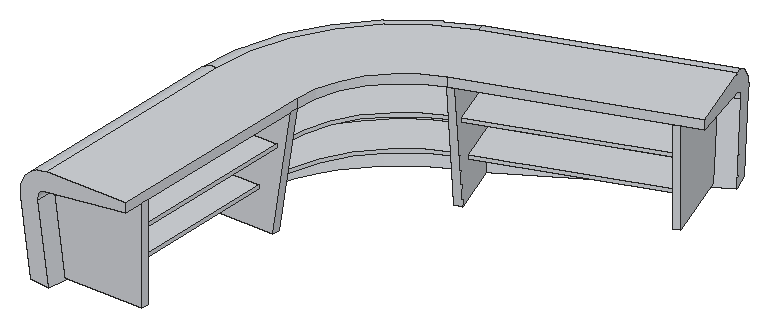
Revit family
Reference planes
  plane 1 "Center (Front/Back)": y = 0
  plane 2: z = 0
  plane 3 "Center (Left/Right)": x = 0
  plane 4: through (0, -1200, 1200) normal (-0.8192, 0.5736, 0)
Forms (mm)
  Sweep 1, solid
    path in 3D
      loop
        line (1317.207, 1538.055, 700) -> (189.576, 1127.631, 700)
        arc (189.576, 1127.631, 700) -> (-382.982, 688.292, 700) -> (-600, 0, 700) r 1200
        line (-600, 0, 700) -> (-600, -1200, 700)
    profile origin (-600, -600, 700) x (1, 0, 0) y (0, 0, 1)
      loop
        line (80, -700) -> (181.015, -700) -> (103.498, -157.378)
        arc (103.498, -157.378) -> (113.458, -119.7) -> (147.438, -100.617) r 50
        line (147.438, -100.617) -> (600, -50) -> (600, 0) -> (152.951, 0)
        arc (152.951, 0) -> (39.633, -51.72) -> (4.459, -171.213) r 150
        line (4.459, -171.213) -> (80, -700)
  Extrusion 2, void
    sketch origin (0, -1200, 1200) x (0.573576, 0.819152, 0) y (0, 0, 1)
      loop
        line (747.128, -1200) -> (-422.872, -1060) -> (-422.872, -1320) -> (1327.128, -1320) -> (3077.128, -1320) -> (3077.128, -1060) -> (1907.128, -1200) -> (1327.128, -1200) -> (747.128, -1200)
    from 0 to -3000
  Extrusion 3, solid
    sketch origin (-600, -1100, 700) x (0, 0, 1) y (-1, 0, 0)
      loop
        line (-577.894, -163.572) -> (-577.894, -600) -> (-50, -600) -> (-100.617, -147.438)
        arc (-100.617, -147.438) -> (-119.7, -113.458) -> (-157.378, -103.498) r 50
        line (-157.378, -103.498) -> (-577.894, -163.572)
    from -10 to -50
  Extrusion 4, solid
    sketch origin (1223.238, 1503.853, 700) x (0, 0, 1) y (0.34202, -0.939693, 0)
      loop
        line (-577.894, 163.572) -> (-157.378, 103.498)
        arc (-157.378, 103.498) -> (-119.7, 113.458) -> (-100.617, 147.438) r 50
        line (-100.617, 147.438) -> (-50, 600) -> (-577.894, 600) -> (-577.894, 163.572)
    from -10 to -50
  Sweep 5, solid
    path in 3D
      loop
        line (1381.465, 922.937, 700) -> (394.788, 563.816, 700)
        arc (394.788, 563.816, 700) -> (108.509, 344.146, 700) -> (0, 0, 700) r 600
        line (0, 0, 700) -> (0, -1050, 700)
    profile origin (0, -525, 700) x (1, 0, 0) y (0, 0, 1)
      loop
        line (-180, -500) -> (-180, -480) -> (-450.413, -480) -> (-447.556, -500) -> (-180, -500)
      loop
        line (-80, -240) -> (-484.699, -240) -> (-481.842, -260) -> (-80, -260) -> (-80, -240)
  Extrusion 6, solid
    sketch origin (-600, -50, 700) x (0, 0, 1) y (-1, 0, 0)
      loop
        line (-700, -181.015) -> (-700, -501.015) -> (-50, -600) -> (-100.617, -147.438)
        arc (-100.617, -147.438) -> (-119.7, -113.458) -> (-157.378, -103.498) r 50
        line (-157.378, -103.498) -> (-700, -181.015)
    from -10 to -50
  Extrusion 7, solid
    sketch origin (236.56, 1144.732, 700) x (0, 0, 1) y (0.34202, -0.939693, 0)
      loop
        line (-700, 181.015) -> (-157.378, 103.498)
        arc (-157.378, 103.498) -> (-119.7, 113.458) -> (-100.617, 147.438) r 50
        line (-100.617, 147.438) -> (-50, 600) -> (-700, 501.015) -> (-700, 181.015)
    from -10 to -50
Cuts and joins
  Extrusion 2 cuts Sweep 1
  joined: Sweep 5, Extrusion 6, Extrusion 7
Lines and regions (mm)
  sketch lines
    curve 1: line (-600, 0, 700) -> (-600, -1200, 700)
    curve 2: arc (-600, 0, 700) -> (-382.982, 688.292, 700) -> (189.576, 1127.631, 700) r 1200
    curve 3: line (1317.207, 1538.055, 700) -> (189.576, 1127.631, 700)
    curve 4: line (0, 0, 700) -> (0, -1050, 700)
    curve 5: arc (394.788, 563.816, 700) -> (108.509, 344.146, 700) -> (0, 0, 700) r 600
    curve 6: line (1381.465, 922.937, 700) -> (394.788, 563.816, 700)
